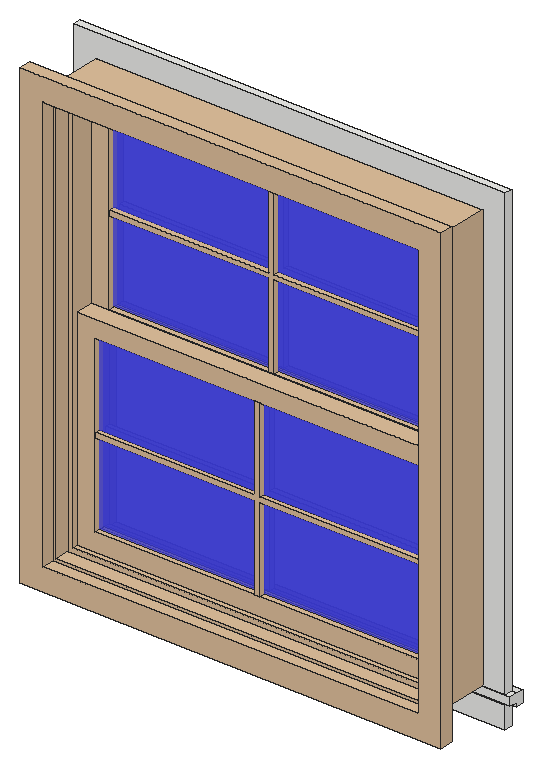
Revit family "c88053d5784c49cba4a7a10cf48c4919", category Windows, host Wall, Revit 2021
Family settings
  Host = Wall
  OmniClass Number = 23.30.20.17.17.14
  OmniClass Title = Double-Hung Windows
  Always vertical = Yes
  Cut with Voids When Loaded = No
  Shared = No
  Room Calculation Point = No
Parameters (values of type "38" x 42"")
  Wall Thickness [instance] = 0' - 6"
  Window Inset [instance] = 0' - 0"
  Visual Light Transmittance = 0.81
  Top Muntin Visibility = yes
  Thermal Resistance (R) = 1.8146 (h·ft²·°F)/BTU
  Solar Heat Gain Coefficient = 0.76
  Muntin Width = Width - 0' 6"  # 2' - 8"
  Muntin Pattern = Muntin Pattern_2x2 : Muntin Pattern_2x2
  Muntin Height = 0.5 * (Height - 0' 6" - 0' 1 3/4")  # 1' - 5 1/8"
  Interior Wall Closure [instance] = 0' - 1 1/2"
  Interior Trim Material = Wood - Stained
  Interior Trim = Trim-Window-Interior-Flat : Picture Frame
  Rough Width = Width + 0' 0 1/2"  # 3' - 2 1/2"
  Rough Height = Height + 0' 0 1/2"  # 3' - 6 1/2"
  Indicator Visibility [instance] = yes
  Frame Extension [instance] = if(Exterior Trim Visibility, Window Inset + 0' 1 1/4", 0' 1 1/4")  # 0' - 1 1/4"
  Fire Rating = "0.5h"
  Exterior Wall Closure [instance] = 0' - 0 1/2"
  Exterior Trim Material = Clad - White
  Extension Jamb Visibility [instance] = and(Interior Trim Visibility, Wall Thickness - Window Inset > 0' 4 1/2")  # yes
  Interior Trim Visibility [instance] = yes
  Exterior Trim Visibility [instance] = yes
  Exterior Trim = Trim-Window-Exterior-Flat : with Sill
  Extension Jamb [instance] = if(Wall Thickness - Window Inset > 0' 4 1/2", Wall Thickness - Window Inset - 0' 4 1/2", 0' 1")  # 0' - 1 1/2"
  Define Thermal Properties by = Schematic Type
  Construction Type Id = "DG-DR"
  Heat Transfer Coefficient (U) = 0.5511 BTU/(h·ft²·°F)
  Bottom Muntin Visibility = yes
  Assembly Code = "B2020100"
  Glass Panel Material = Glass
  Height = 3' - 6"
  Exterior Frame Material = Clad - White
  Interior Frame Material = Wood - Stained
  Wall Closure = By host
  Width = 3' - 2"
  Analytic Construction = "Double glazing - domestic"
Reference planes (in)
  plane 1 "Center (Front/Back)": y = 0
  plane 2: z = 0
  plane 3 "Center": x = 0
  plane 4 "Left": x = -19
  plane 5 "Right": x = 19
  plane 6 "Sill": z = 36
  plane 7 "Top": z = 78
  plane 8 "Wall Face": y = 3
  plane 9: y = -3
  plane 10 "Middle": z = 57
  plane 11: z = 76.75
  plane 12: z = 37.25
  plane 13: x = 17.75
  plane 14: x = -17.75
  plane 15: x = 16
  plane 16: x = -16
  plane 17: z = 39
  plane 18: z = 75
  plane 19 "Wall Closure": y = -1.5
  plane 20: z = 77.375
  plane 21 "Frame Face": y = 3.75
  plane 22 "Sash 2": y = -1
  plane 23 "Sash Face 1": y = 2.5
  plane 24 "Inset Face": y = 3
  plane 25 "Sash 1": y = 0.75
  plane 26 "Glass 1": y = 1.625
  plane 27: z = 57.875
  plane 28: z = 56.125
  plane 29 "Glass 2": y = -0.125
  plane 30: y = -1.5
  plane 31: z = 47.5625
  plane 32: z = 66.4375
  plane 33: y = -1.5
  plane 34: y = 2.5
  plane 35: y = 3.75
Forms (in)
  Extrusion 1, solid, material "Wood - Stained" <- "Interior Frame Material", visible <- "Extension Jamb Visibility"
    sketch origin (0, -0.25, 0) x (-1, 0, 0) y (0, 0, 1)
      loop
        line (19, 78) -> (-19, 78) -> (-19, 36) -> (19, 36) -> (19, 78)
      loop
        line (18.25, 77.25) -> (-18.25, 77.25) -> (-18.25, 36.75) -> (18.25, 36.75) -> (18.25, 77.25)
    from -2.75 to -1.25
  Sweep 2, solid, material "Wood - Stained" <- "Interior Frame Material"
    path origin (0, 2.5, 0) x (-1, 0, 0) y (0, 0, 1)
      loop
        line (-19, 36) -> (19, 36) -> (19, 78) -> (-19, 78) -> (-19, 36)
    profile origin (19, 2.5, 57) x (1, 0, 0) y (0, 1, 0)
      loop
        line (-1.25, 1.25) -> (-1.25, -4) -> (0, -4) -> (0, 1.25) -> (-1.25, 1.25)
  Sweep 3, solid, material "Wood - Stained" <- "Interior Frame Material"
    path origin (0, 2.5, 0) x (-1, 0, 0) y (0, 0, 1)
      loop
        line (-17.75, 56.125) -> (17.75, 56.125) -> (17.75, 76.75) -> (-17.75, 76.75) -> (-17.75, 56.125)
    profile origin (17.75, 2.5, 66.4375) x (1, 0, 0) y (0, 1, 0)
      loop
        line (0, 0) -> (-1.75, 0) -> (-1.75, -1.75) -> (0, -1.75) -> (0, 0)
  Sweep 4, solid, material "Wood - Stained" <- "Interior Frame Material"
    path origin (0, 0.75, 0) x (-1, 0, 0) y (0, 0, 1)
      loop
        line (-17.75, 37.25) -> (17.75, 37.25) -> (17.75, 57.875) -> (-17.75, 57.875) -> (-17.75, 37.25)
    profile origin (17.75, 0.75, 47.5625) x (1, 0, 0) y (0, 1, 0)
      loop
        line (0, 0) -> (-1.75, 0) -> (-1.75, -1.75) -> (0, -1.75) -> (0, 0)
  Extrusion 5, solid, material "Glass" <- "Glass Panel Material"
    sketch origin (0, 0, 36) x (0, -1, 0) y (1, 0, 0)
      loop
        line (-2, -16) -> (-1.75, -16) -> (-1.75, 16) -> (-2, 16) -> (-2, -16)
      loop
        line (-1.5, 16) -> (-1.5, -16) -> (-1.25, -16) -> (-1.25, 16) -> (-1.5, 16)
    from 21.875 to 39
  Extrusion 6, solid, material "Glass" <- "Glass Panel Material"
    sketch origin (0, 0, 0) x (1, 0, 0) y (0, 1, 0)
      loop
        line (-16, 0.25) -> (-16, 0) -> (16, 0) -> (16, 0.25) -> (-16, 0.25)
      loop
        line (16, -0.25) -> (-16, -0.25) -> (-16, -0.5) -> (16, -0.5) -> (16, -0.25)
    from 39 to 56.125
Lines and regions (in)
  Opening 1
    outline origin (-60, -3, 0) x (1, 0, 0) y (0, 0, 1)
      loop
        line (79, 78) -> (41, 78) -> (41, 36) -> (79, 36) -> (79, 78)
  Split face 1
    outline origin (-16, -1, 39) x (1, 0, 0) y (0, 1, 0)
      loop
        line (0, 1) -> (32, 1)
  Split face 2
    outline origin (16, -1, 39) x (0, 0, 1) y (0, 1, 0)
      loop
        line (0, 1) -> (17.125, 1)
  Split face 3
    outline origin (-16, -1, 56.125) x (0, 0, -1) y (0, 1, 0)
      loop
        line (17.125, 1) -> (0, 1)
  Split face 4
    outline origin (16, -1, 56.125) x (0, 1, 0) y (-1, 0, 0)
      loop
        line (1, 0) -> (1, 32)
  Split face 5
    outline origin (-16, 0.75, 57.875) x (1, 0, 0) y (0, 1, 0)
      loop
        line (32, 0.75) -> (0, 0.75)
  Split face 6
    outline origin (-16, 0.75, 57.875) x (1, 0, 0) y (0, 1, 0)
      loop
        line (32, 1) -> (0, 1)
  Split face 7
    outline origin (16, 0.75, 57.875) x (0, 0, 1) y (0, 1, 0)
      loop
        line (0, 1) -> (17.125, 1)
  Split face 8
    outline origin (-16, 0.75, 75) x (0, 0, -1) y (0, 1, 0)
      loop
        line (17.125, 1) -> (0, 1)
  Split face 9
    outline origin (16, 0.75, 75) x (0, 1, 0) y (-1, 0, 0)
      loop
        line (1, 0) -> (1, 32)
  Split face 10
    outline origin (-17.75, -1.5, 37.25) x (1, 0, 0) y (0, 1, 0)
      loop
        line (0, 2.25) -> (35.5, 2.25)
  Split face 11
    outline origin (17.75, -1.5, 37.25) x (0, 0, 1) y (0, 1, 0)
      loop
        line (39.5, 4) -> (18.875, 4) -> (18.875, 2.25) -> (0, 2.25)
  Split face 12
    outline origin (-17.75, -1.5, 76.75) x (0, 0, -1) y (0, 1, 0)
      loop
        line (0, 4) -> (20.625, 4) -> (20.625, 2.25) -> (39.5, 2.25)
  Split face 13
    outline origin (17.75, -1.5, 76.75) x (0, 1, 0) y (-1, 0, 0)
      loop
        line (4, 0) -> (4, 35.5)
Text (in)
  text "EXTERIOR" at (-58.6888, 30.41546, 0), in view "Ref. Level"
  text "INTERIOR" at (-58.6888, -28.32711, 0), in view "Ref. Level"
  text "Exterior" at (0, 43.65631, 134.44969), in view "Left"
  text "Exterior" at (0, 18.29385, 125.04747), in view "Right"
Dimensions and locks (in)
  equal spacing: plane 4 "Left", plane 3 "Center", plane 5 "Right"
  "Width": plane 4 "Left" to plane 5 "Right"
  equal spacing: plane 6 "Sill", plane 10 "Middle", plane 7 "Top"
  "Height": plane 7 "Top" to plane 6 "Sill"
  locked: plane 5 "Right" to plane 13 at 1.25
  locked: plane 14 to plane 4 "Left" at 1.25
  locked: plane 11 to plane 7 "Top" at 1.25
  locked: plane 6 "Sill" to plane 12 at 1.25
  locked: plane 15 to plane 13 at 1.75
  locked: plane 14 to plane 16 at 1.75
  locked: plane 18 to plane 11 at 1.75
  locked: plane 12 to plane 17 at 1.75
  "Wall Thickness": host wall to host wall
  locked: plane 7 "Top" to plane 20 at 0.625
  locked: plane 21 "Frame Face" to plane 8 "Wall Face" at 0.75
  locked: plane 24 "Inset Face" to plane 23 "Sash Face 1" at 0.5
  "Window Inset": plane 8 "Wall Face" to plane 24 "Inset Face"
  locked: plane 23 "Sash Face 1" to plane 25 "Sash 1" at 1.75
  locked: plane 25 "Sash 1" to plane 22 "Sash 2" at 1.75
  equal spacing: plane 23 "Sash Face 1", plane 26 "Glass 1", plane 25 "Sash 1"
  equal spacing: plane 28, plane 10 "Middle", plane 27
  locked: plane 28 to plane 27 at 1.75
  locked: Extrusion 5 sketch curve to Extrusion 5 sketch curve at 0.25  (x3)
  equal spacing: Extrusion 5 sketch curve, plane 26 "Glass 1", Extrusion 5 sketch curve
  equal spacing: plane 25 "Sash 1", plane 29 "Glass 2", plane 22 "Sash 2"
  locked: Extrusion 6 sketch curve to Extrusion 6 sketch curve at 0.25  (x3)
  equal spacing: Extrusion 6 sketch curve, plane 29 "Glass 2", Extrusion 6 sketch curve
  locked: plane 22 "Sash 2" to plane 30 at 0.5
  "Extension Jamb": plane 19 "Wall Closure" to host wall
  locked: Extrusion 1 sketch curve to plane 5 "Right" at 0.75
  locked: Extrusion 1 sketch curve to plane 7 "Top" at 0.75
  locked: plane 4 "Left" to Extrusion 1 sketch curve at 0.75
  locked: plane 6 "Sill" to Extrusion 1 sketch curve at 0.75
  equal spacing: plane 17, plane 31, plane 28
  equal spacing: plane 18, plane 32, plane 27
  level to host wall = 24' - 5.13792"
  "Interior Wall Closure": plane 33 to plane 9
  "Exterior Wall Closure": plane 8 "Wall Face" to plane 34
  "Frame Extension": plane 35 to plane 23 "Sash Face 1"
  aligned and locked: plane 9 to host wall
  aligned and locked: host wall to plane 8 "Wall Face"
  aligned and locked: Opening 1 sketch curve to plane 4 "Left"
  aligned and locked: plane 7 "Top" to Opening 1 sketch curve
  aligned and locked: plane 5 "Right" to Opening 1 sketch curve
  aligned and locked: Opening 1 sketch curve to plane 6 "Sill"
  aligned and locked: plane 7 "Top" to Extrusion 1 sketch curve
  aligned and locked: Extrusion 1 sketch curve to plane 4 "Left"
  aligned and locked: plane 5 "Right" to Extrusion 1 sketch curve
  aligned and locked: Extrusion 1 sketch curve to plane 6 "Sill"
  aligned and locked: plane 19 "Wall Closure" to Extrusion 1
  aligned and locked: Sweep 2 sketch curve to host wall  (x3)
  aligned and locked: plane 5 "Right" to Sweep 2 sketch curve
  aligned and locked: plane 13 to Sweep 2 sketch curve
  aligned and locked: Sweep 3 sketch curve to plane 13
  aligned and locked: plane 14 to Sweep 3 sketch curve
  aligned and locked: Sweep 3 sketch curve to plane 11
  aligned and locked: Sweep 3 sketch curve to plane 25 "Sash 1"
  aligned and locked: plane 28 to Sweep 3 sketch curve
  aligned and locked: Sweep 4 sketch curve to plane 27
  aligned and locked: Sweep 4 sketch curve to plane 13
  aligned and locked: plane 14 to Sweep 4 sketch curve
  aligned and locked: plane 12 to Sweep 4 sketch curve
  aligned and locked: profile plane to Sweep 4 sketch curve
  aligned and locked: Sweep 4 sketch curve to profile plane
  aligned and locked: Sweep 4 sketch curve to plane 22 "Sash 2"
  aligned and locked: plane 15 to Sweep 4 sketch curve
  aligned and locked: plane 18 to Extrusion 5
  aligned and locked: Extrusion 6 sketch curve to plane 16
  aligned and locked: plane 16 to Extrusion 6 sketch curve
  aligned and locked: plane 15 to Extrusion 6 sketch curve
  aligned and locked: Extrusion 6 sketch curve to plane 15
  aligned and locked: plane 17 to Extrusion 6
  aligned and locked: plane 28 to Extrusion 6
  aligned and locked: Split face 1 sketch curve to Extrusion 6
  aligned and locked: Split face 2 sketch curve to Extrusion 6
  aligned and locked: Split face 3 sketch curve to Extrusion 6
  aligned and locked: Split face 4 sketch curve to Extrusion 6
  aligned and locked: plane 15 to Sweep 3 sketch curve
  aligned and locked: Extrusion 5 to plane 27
  aligned and locked: Extrusion 5 sketch curve to plane 16
  aligned and locked: plane 16 to Extrusion 5 sketch curve
  aligned and locked: plane 15 to Extrusion 5 sketch curve
  aligned and locked: Extrusion 5 sketch curve to plane 15
  aligned and locked: Split face 6 sketch curve to Extrusion 5
  aligned and locked: Split face 7 sketch curve to Extrusion 5
  aligned and locked: Split face 8 sketch curve to Extrusion 5
  aligned and locked: Split face 9 sketch curve to Extrusion 5
  aligned and locked: Split face 10 sketch curve to plane 25 "Sash 1"
  aligned and locked: plane 30 to Sweep 2 sketch curve
  aligned and locked: Extrusion 1 to plane 9
  aligned and locked: nested 3 to plane 8 "Wall Face"
  aligned and locked: nested 3 to plane 4 "Left"
  aligned and locked: nested 3 to plane 5 "Right"
  aligned and locked: plane 25 "Sash 1" to Split face 11 sketch curve
  aligned and locked: Split face 11 sketch curve to plane 28
  aligned and locked: plane 23 "Sash Face 1" to Split face 11 sketch curve
  aligned and locked: Split face 12 sketch curve to plane 25 "Sash 1"
  aligned and locked: plane 28 to Split face 12 sketch curve
  aligned and locked: Split face 12 sketch curve to plane 23 "Sash Face 1"
  aligned and locked: plane 23 "Sash Face 1" to Split face 13 sketch curve
  aligned and locked: nested 4 to plane 3 "Center"
  aligned and locked: plane 31 to nested 4
  aligned and locked: nested 3 to plane 7 "Top"
  aligned and locked: plane 27 to nested 1
  aligned and locked: nested 2 to plane 17
  aligned and locked: nested 1 to plane 26 "Glass 1"
  aligned and locked: nested 2 to plane 29 "Glass 2"
  aligned and locked: plane 28 to nested 2
  aligned and locked: plane 18 to nested 1
  aligned and locked: nested 1 to plane 15
  aligned and locked: nested 1 to plane 16
  aligned and locked: nested 2 to plane 15
  aligned and locked: nested 2 to plane 16
  aligned and locked: plane 7 "Top" to nested 6
  aligned and locked: plane 3 "Center" to nested 6
  aligned and locked: plane 7 "Top" to nested 5
  aligned and locked: nested 5 to plane 3 "Center"
  aligned and locked: Sweep 2 sketch curve to plane 35
Automatic sketch dimensions
  Split face 1 sketch curve to Sweep 4 = 0' - 0"  (x2)
  Split face 2 sketch curve to Sweep 4 = 0' - 0"
  Sweep 4 to Split face 2 sketch curve = 0' - 0"
  Sweep 4 to Split face 3 sketch curve = 0' - 0"
  Split face 3 sketch curve to Sweep 4 = 0' - 0"
  Split face 4 sketch curve to Sweep 4 = 0' - 0"  (x2)
  Sweep 3 sketch curve to profile plane = 0' - 0"
  Sweep 3 sketch curve to plane 23 "Sash Face 1" = 0' - 0"
  Split face 5 sketch curve to Sweep 3 = 0' - 0"  (x2)
  Split face 5 sketch curve to Sweep 3 = 0' - 0 3/4"
  Split face 6 sketch curve to Sweep 3 = 0' - 0"  (x2)
  Split face 7 sketch curve to Sweep 3 = 0' - 0"
  Sweep 3 to Split face 7 sketch curve = 0' - 0"
  Sweep 3 to Split face 8 sketch curve = 0' - 0"
  Split face 8 sketch curve to Sweep 3 = 0' - 0"
  Split face 9 sketch curve to Sweep 3 = 0' - 0"  (x2)
  Split face 10 sketch curve to Sweep 2 = 0' - 0"  (x2)
  Split face 11 sketch curve to Sweep 2 = 0' - 0"
  Sweep 2 to Split face 11 sketch curve = 0' - 0"
  Sweep 2 to Split face 12 sketch curve = 0' - 0"
  Split face 12 sketch curve to Sweep 2 = 0' - 0"
  Split face 13 sketch curve to Sweep 2 = 0' - 0"  (x2)
  Sweep 2 sketch curve to plane 7 "Top" = 0' - 0"
Nested families (in)
  nested 1: "Muntin Pattern_2x2" at (0, 1.625, 57.875), Exterior Material <- "Exterior Frame Material", Interior Material <- "Interior Frame Material", type <- "Muntin Pattern", visible <- "Top Muntin Visibility", type "Muntin Pattern_2x2"
    with Width 2' - 8", Interior Material Wood - Stained, Height 1' - 5 1/8", Exterior Material Clad - White
  nested 2: "Muntin Pattern_2x2" at (0, -0.125, 39), Exterior Material <- "Exterior Frame Material", Interior Material <- "Interior Frame Material", type <- "Muntin Pattern", visible <- "Bottom Muntin Visibility", type "Muntin Pattern_2x2"
    with Width 2' - 8", Interior Material Wood - Stained, Height 1' - 5 1/8", Exterior Material Clad - White
  nested 3: "Plan-Single-Hung" at (0, 3, 36), Window Inset <- "Window Inset", Width <- "Width", Height <- "Height", Wall Thickness <- "Wall Thickness", type "Plan-Single-Hung"
    with Window Inset of 3D 0' - 0 1/2", Window Inset 0' - 0", Width 3' - 2", Wall Thickness 0' - 6", Height 3' - 6"
  nested 4: "Filled Arrow" at (0, 0.75, 47.5625) x (0, 0, 1) z (0, 1, 0), visible <- "Indicator Visibility", type "Filled Arrow"
  nested 5: "Trim-Window-Exterior-Flat" at (0, 3, 78) x (-1, 0, 0) z (0, 1, 0), visible <- "Exterior Trim Visibility", Trim Material <- "Exterior Trim Material", Opening Width <- "Width", Opening Height <- "Height", type <- "Exterior Trim", type "with Sill"
    with Trim Material Clad - White, Opening Width 3' - 2", Opening Height 3' - 6"
  nested 6: "Trim-Window-Interior-Flat" at (0, -3, 78) x (1, 0, 0) z (0, -1, 0), Trim Material <- "Interior Trim Material", visible <- "Interior Trim Visibility", Opening Width <- "Width", Opening Height <- "Height", type <- "Interior Trim", type "Picture Frame"
    with Trim Material Wood - Stained, Opening Width 3' - 2", Opening Height 3' - 6"
Definition of nested family "Muntin Pattern_2x2"
  Parameters (values of type "Muntin Pattern_2x2")
    Width [instance] = 4' - 0"
    Thickness = 0' - 0 1/2"
    Height [instance] = 4' - 0"
    Interior Material [instance] = none
    Exterior Material [instance] = none
    Distance = 0' - 0 3/4"
    Default Elevation = 0' - 0"
  Reference planes (in)
    plane 1 "Center (Front/Back)": y = 0
    plane 2: z = 0
    plane 3 "Center (Left/Right)": x = 0
    plane 4: z = 48
    plane 5: x = -24
    plane 6: x = 24
    plane 7: z = 24
    plane 8: y = 0.375
    plane 9: y = 0.875
    plane 10: y = -0.375
    plane 11: y = -0.875
  Forms (in)
    Extrusion 1, solid, material <- "Interior Material", detail levels fine
      sketch origin (0, 0, 0) x (1, 0, 0) y (0, 0, 1)
        loop
          line (-24, 24.25) -> (-24, 23.75) -> (-0.25, 23.75) -> (-0.25, 0) -> (0.25, 0) -> (0.25, 23.75) -> (24, 23.75) -> (24, 24.25) -> (0.25, 24.25) -> (0.25, 48) -> (-0.25, 48) -> (-0.25, 24.25) -> (-24, 24.25)
      from 0.375 to 0.875
    Extrusion 2, solid, material <- "Exterior Material", detail levels fine
      sketch origin (0, 0, 0) x (1, 0, 0) y (0, 0, -1)
        loop
          line (-24, -24.25) -> (-0.25, -24.25) -> (-0.25, -48) -> (0.25, -48) -> (0.25, -24.25) -> (24, -24.25) -> (24, -23.75) -> (0.25, -23.75) -> (0.25, 0) -> (-0.25, 0) -> (-0.25, -23.75) -> (-24, -23.75) -> (-24, -24.25)
      from 0.375 to 0.875
  Lines and regions (in)
    model lines, detail levels medium
      curve 1: line (0, 0.375, 48) -> (0, 0.375, 0)
      curve 2: line (-24, -0.375, 24) -> (24, -0.375, 24)
      curve 3: line (-24, 0.375, 24) -> (24, 0.375, 24)
      curve 4: line (0, -0.375, 48) -> (0, -0.375, 0)
  Dimensions and locks (in)
    equal spacing: plane 6, plane 3 "Center (Left/Right)", plane 5
    "Width": plane 6 to plane 5
    "Height": plane 4 to plane 2
    equal spacing: plane 4, plane 7, plane 2
    locked: plane 3 "Center (Left/Right)" to Extrusion 1 sketch curve at 0.25  (x4)
    locked: Extrusion 1 sketch curve to plane 7 at 0.25  (x2)
    locked: plane 7 to Extrusion 1 sketch curve at 0.25  (x2)
    "Thickness": plane 9 to plane 8
    "Thickness": plane 10 to plane 11
    "Distance": plane 8 to plane 10
    equal spacing: plane 8, plane 1 "Center (Front/Back)", plane 10
    aligned and locked: plane 2 to level
    aligned and locked: plane 4 to curve 1
    aligned and locked: plane 5 to curve 2
    aligned and locked: plane 2 to curve 1
    aligned and locked: plane 6 to curve 2
    aligned and locked: Extrusion 1 sketch curve to plane 4
    aligned and locked: Extrusion 1 sketch curve to plane 6
    aligned and locked: Extrusion 1 sketch curve to plane 5
    aligned and locked: Extrusion 1 sketch curve to level
    aligned and locked: Extrusion 1 to plane 11
    aligned and locked: plane 10 to Extrusion 1
    aligned and locked: Extrusion 2 to plane 5
    aligned and locked: plane 6 to Extrusion 2
    aligned and locked: Extrusion 2 to plane 8
    aligned and locked: plane 9 to Extrusion 2
    aligned and locked: Extrusion 2 to plane 2
    aligned and locked: plane 4 to Extrusion 2
    aligned and locked: plane 5 to curve 3
    aligned and locked: plane 6 to curve 3
    aligned and locked: plane 4 to curve 4
    aligned and locked: plane 2 to curve 4
    aligned and locked: plane 8 to curve 3
  Automatic sketch dimensions
    curve 2 to plane 7 = 0' - 0"
    Extrusion 2 sketch curve to plane 5 = 0' - 0"
    Extrusion 2 sketch curve to level = 0' - 0"
    Extrusion 2 sketch curve to plane 4 = 0' - 0"
    Extrusion 2 sketch curve to plane 6 = 0' - 0"
    Extrusion 2 sketch curve to plane 3 "Center (Left/Right)" = 0' - 0 1/4"  (x2)
    plane 3 "Center (Left/Right)" to Extrusion 2 sketch curve = 0' - 0 1/4"  (x2)
    plane 7 to Extrusion 2 sketch curve = 0' - 0 1/4"  (x2)
    Extrusion 2 sketch curve to plane 7 = 0' - 0 1/4"  (x2)
    curve 4 to plane 3 "Center (Left/Right)" = 0' - 0"
    curve 4 to level = 0' - 0"
    curve 4 to plane 4 = 0' - 0"
    curve 3 to plane 6 = 0' - 0"
    curve 1 to plane 3 "Center (Left/Right)" = 0' - 0"
    curve 3 to plane 5 = 0' - 0"
    curve 3 to plane 7 = 0' - 0"
Definition of nested family "Trim-Window-Exterior-Flat"
  Parameters (values of type "with Sill")
    Trim Width = 0' - 2 1/4"
    Trim Thickness_Picture Frame = 0' - 1 1/4"
    Trim Thickness_with Sill = 0' - 0 3/4"
    Trim Material [instance] = none
    Sill Thickness = 0' - 1 1/4"
    Sill = yes
    Picture Frame = no
    Opening Width [instance] = 2' - 0"
    Opening Height [instance] = 3' - 0"
    Default Elevation = 4' - 0"
  Types (2): name | Sill | Picture Frame
    with Sill | yes | no
    Picture Frame | no | yes
  Reference planes (in)
    plane 1 "Center (Front/Back)": y = 0
    plane 2: z = 0
    plane 3 "Center (Left/Right)": x = 0
    plane 4: y = 2.25
    plane 5 "Left": x = -12
    plane 6 "Right": x = 12
    plane 7 "Bottom": y = -36
    plane 8: y = -37.25
    plane 9: y = -39.12332
    plane 10: x = 14.25
    plane 11: x = -14.25
    plane 12: z = 0.75
    plane 13: z = 1.25
    plane 14: x = 14.75
    plane 15: x = -14.75
    plane 16: y = -36.87332
    plane 17: y = -38.25
    plane 18: z = 0.5
    plane 19: y = -18
    plane 20: z = 1.5
  Forms (in)
    Extrusion 1, solid
      sketch origin (0, 0, 0) x (1, 0, 0) y (0, 1, 0)
        loop
          line (-14.25, 2.25) -> (-14.25, -39.12332) -> (14.25, -39.12332) -> (14.25, 2.25) -> (-14.25, 2.25)
      from 0 to -12
    Extrusion 2, solid, material <- "Trim Material", visible <- "Sill"
      sketch origin (0, 0, 0) x (1, 0, 0) y (0, 1, 0)
        loop
          line (-14.25, -36) -> (-12, -36) -> (-12, 0) -> (12, 0) -> (12, -36) -> (14.25, -36) -> (14.25, 2.25) -> (-14.25, 2.25) -> (-14.25, -36)
      from 0 to 0.75
    Extrusion 3, solid, material <- "Trim Material", visible <- "Sill"
      sketch origin (0, 0, 0) x (0, 1, 0) y (0, 0, 1)
        loop
          line (-36.09677, 1.5) -> (-37.25, 1.5) -> (-37.25, 0.75) -> (-36.87332, 0.75) -> (-36.87332, 0) -> (-36, 0) -> (-36, 0.75) -> (-36.09677, 1.5)
      from -14.75 to 14.75
    Extrusion 4, solid, material <- "Trim Material", visible <- "Sill"
      sketch origin (0, 0, 0) x (1, 0, 0) y (0, 1, 0)
        loop
          line (-14.25, -36.87332) -> (-14.25, -39.12332) -> (14.25, -39.12332) -> (14.25, -36.87332) -> (-14.25, -36.87332)
      from 0 to 0.75
    Extrusion 5, solid, material <- "Trim Material", visible <- "Picture Frame"
      sketch origin (0, 0, 0) x (1, 0, 0) y (0, 1, 0)
        loop
          line (-12, 0) -> (-12, -36) -> (12, -36) -> (12, 0) -> (-12, 0)
        loop
          line (-14.25, 2.25) -> (-14.25, -38.25) -> (14.25, -38.25) -> (14.25, 2.25) -> (-14.25, 2.25)
      from 0 to 1.25
  Dimensions and locks (in)
    equal spacing: plane 5 "Left", plane 3 "Center (Left/Right)", plane 6 "Right"
    "Opening Width": plane 5 "Left" to plane 6 "Right"
    "Opening Height": plane 7 "Bottom" to plane 1 "Center (Front/Back)"
    "Sill Thickness": plane 7 "Bottom" to plane 8
    "Trim Width": plane 11 to plane 5 "Left"
    "Trim Width": plane 6 "Right" to plane 10
    "Trim Width": plane 1 "Center (Front/Back)" to plane 4
    locked: plane 15 to plane 11 at 0.5
    locked: plane 10 to plane 14 at 0.5
    locked: plane 16 to plane 8 at 0.37668
    "Trim Width": plane 9 to plane 16
    "Trim Width": plane 17 to plane 7 "Bottom"
    locked: plane 18 to plane 2 at 0.5
    equal spacing: plane 7 "Bottom", plane 19, plane 1 "Center (Front/Back)"
    locked: plane 20 to plane 12 at 0.75
    "Trim Thickness_with Sill": plane 12 to plane 2
    "Trim Thickness_Picture Frame": plane 13 to plane 2
    aligned and locked: plane 2 to Extrusion 1
    aligned and locked: level to Extrusion 1
    aligned and locked: Extrusion 2 sketch curve to plane 5 "Left"
    aligned and locked: Extrusion 2 sketch curve to plane 11
    aligned and locked: plane 7 "Bottom" to Extrusion 2 sketch curve  (x2)
    aligned and locked: plane 1 "Center (Front/Back)" to Extrusion 2 sketch curve
    aligned and locked: plane 10 to Extrusion 2 sketch curve
    aligned and locked: Extrusion 2 sketch curve to plane 6 "Right"
    aligned and locked: plane 12 to Extrusion 2
    aligned and locked: Extrusion 3 sketch curve to level
    aligned and locked: plane 7 "Bottom" to Extrusion 3 sketch curve
    aligned and locked: Extrusion 3 sketch curve to plane 8
    aligned and locked: plane 15 to Extrusion 3
    aligned and locked: Extrusion 3 to plane 14
    aligned and locked: plane 10 to Extrusion 4 sketch curve
    aligned and locked: Extrusion 4 sketch curve to plane 11
    aligned and locked: plane 16 to Extrusion 4 sketch curve
    aligned and locked: plane 9 to Extrusion 4 sketch curve
    aligned and locked: Extrusion 4 to Extrusion 2
    aligned and locked: Extrusion 2 sketch curve to plane 4
    aligned and locked: plane 1 "Center (Front/Back)" to Extrusion 5 sketch curve
    aligned and locked: Extrusion 5 sketch curve to plane 4
    aligned and locked: Extrusion 5 sketch curve to plane 17
    aligned and locked: plane 7 "Bottom" to Extrusion 5 sketch curve
    aligned and locked: Extrusion 5 sketch curve to plane 6 "Right"
    aligned and locked: plane 10 to Extrusion 5 sketch curve
    aligned and locked: Extrusion 5 sketch curve to plane 5 "Left"
    aligned and locked: Extrusion 5 sketch curve to plane 11
    aligned and locked: plane 13 to Extrusion 5
    aligned and locked: plane 20 to Extrusion 3
  Automatic sketch dimensions
    Extrusion 1 sketch curve to Extrusion 1 sketch curve = 2' - 4 1/2"
    Extrusion 1 sketch curve to Extrusion 1 sketch curve = 3' - 5.37332"
    Extrusion 3 sketch curve to plane 16 = 0' - 0"
    Extrusion 3 sketch curve to plane 12 = 0' - 0"  (x2)
    Extrusion 3 sketch curve to plane 7 "Bottom" = 0' - 0.09677"
    plane 13 to Extrusion 3 sketch curve = 0' - 0 1/4"
Definition of nested family "Trim-Window-Interior-Flat"
  Parameters (values of type "with Sill")
    Trim Thickness_Picture Frame = 0' - 1 1/4"
    Trim Width = 0' - 2 1/4"
    Trim Thickness_with Sill = 0' - 0 3/4"
    Trim Material [instance] = none
    Sill Thickness = 0' - 1 1/4"
    Sill = yes
    Picture Frame = no
    Opening Width [instance] = 2' - 0"
    Opening Height [instance] = 3' - 0"
    Default Elevation = 4' - 0"
  Types (2): name | Sill | Picture Frame
    with Sill | yes | no
    Picture Frame | no | yes
  Reference planes (in)
    plane 1 "Center (Front/Back)": y = 0
    plane 2: z = 0
    plane 3 "Center (Left/Right)": x = 0
    plane 4: y = 1.75
    plane 5 "Left": x = -12
    plane 6 "Right": x = 12
    plane 7 "Bottom": y = -36
    plane 8: y = -37.25
    plane 9: y = -39.12332
    plane 10: x = 13.75
    plane 11: x = -13.75
    plane 12: z = 0.75
    plane 13: z = 1.25
    plane 14: x = 14.25
    plane 15: x = -14.25
    plane 16: y = -36.87332
    plane 17: y = -37.75
    plane 18: z = 0.5
    plane 19: x = -11.5
    plane 20: y = -0.5
    plane 21: x = 11.5
    plane 22: y = -35.5
    plane 23: x = -13.25
    plane 24: x = 13.25
    plane 25: y = -18
  Forms (in)
    Extrusion 1, solid
      sketch origin (0, 0, 0) x (1, 0, 0) y (0, 1, 0)
        loop
          line (-13.75, 1.75) -> (-13.75, -37.75) -> (13.75, -37.75) -> (13.75, 1.75) -> (-13.75, 1.75)
      from 0 to -12
    Extrusion 2, solid, material <- "Trim Material", visible <- "Sill"
      sketch origin (0, 0, 0) x (1, 0, 0) y (0, 1, 0)
        loop
          line (-13.25, -36) -> (-11.5, -36) -> (-11.5, 0) -> (11.5, 0) -> (11.5, -36) -> (13.25, -36) -> (13.25, 1.75) -> (-13.25, 1.75) -> (-13.25, -36)
      from 0 to 0.75
    Extrusion 3, solid, material <- "Trim Material", visible <- "Sill"
      sketch origin (0, 0, 0) x (0, 1, 0) y (0, 0, 1)
        loop
          line (-36.5, 1.5) -> (-36.87332, 1.5) -> (-36.87332, 0) -> (-36, 0) -> (-36, 1)
          arc (-36, 1) -> (-36.14645, 1.35355) -> (-36.5, 1.5) r 0.5
      from -13.75 to 13.75
    Extrusion 4, solid, material <- "Trim Material", visible <- "Sill"
      sketch origin (0, 0, 0) x (1, 0, 0) y (0, 1, 0)
        loop
          line (-13.25, -36.87332) -> (-13.25, -39.12332) -> (13.25, -39.12332) -> (13.25, -36.87332) -> (-13.25, -36.87332)
      from 0 to 0.75
    Extrusion 5, solid, material <- "Trim Material", visible <- "Picture Frame"
      sketch origin (0, 0, 0) x (1, 0, 0) y (0, 1, 0)
        loop
          line (-11.5, -0.5) -> (-11.5, -35.5) -> (11.5, -35.5) -> (11.5, -0.5) -> (-11.5, -0.5)
        loop
          line (-13.75, 1.75) -> (-13.75, -37.75) -> (13.75, -37.75) -> (13.75, 1.75) -> (-13.75, 1.75)
      from 0 to 1.25
  Dimensions and locks (in)
    equal spacing: plane 5 "Left", plane 3 "Center (Left/Right)", plane 6 "Right"
    "Opening Width": plane 5 "Left" to plane 6 "Right"
    "Opening Height": plane 7 "Bottom" to plane 1 "Center (Front/Back)"
    "Sill Thickness": plane 7 "Bottom" to plane 8
    "Trim Width": plane 11 to plane 19
    "Trim Width": plane 21 to plane 10
    "Trim Width": plane 20 to plane 4
    "Trim Thickness_with Sill": plane 12 to plane 2
    locked: plane 15 to plane 11 at 0.5
    locked: plane 10 to plane 14 at 0.5
    locked: plane 16 to plane 8 at 0.37668
    "Trim Width": plane 9 to plane 16
    "Trim Width": plane 17 to plane 22
    plane 20 to plane 1 "Center (Front/Back)" = 0' - 0 1/2"
    plane 5 "Left" to plane 19 = 0' - 0 1/2"
    plane 21 to plane 6 "Right" = 0' - 0 1/2"
    plane 22 to plane 7 "Bottom" = 0' - 0 1/2"
    locked: plane 11 to plane 23 at 0.5
    locked: plane 24 to plane 10 at 0.5
    equal spacing: plane 7 "Bottom", plane 25, plane 1 "Center (Front/Back)"
    "Trim Thickness_Picture Frame": plane 13 to plane 2
    locked: Extrusion 3 to plane 12 at 0.75
    locked: plane 12 to Extrusion 3 sketch curve at 0.75
    radius of Extrusion 3 sketch curve = 0' - 0 1/2"
    aligned and locked: plane 2 to Extrusion 1
    aligned and locked: level to Extrusion 1
    aligned and locked: plane 7 "Bottom" to Extrusion 2 sketch curve  (x2)
    aligned and locked: plane 1 "Center (Front/Back)" to Extrusion 2 sketch curve
    aligned and locked: plane 12 to Extrusion 2
    aligned and locked: Extrusion 3 sketch curve to level
    aligned and locked: plane 7 "Bottom" to Extrusion 3 sketch curve
    aligned and locked: plane 16 to Extrusion 4 sketch curve
    aligned and locked: plane 9 to Extrusion 4 sketch curve
    aligned and locked: Extrusion 2 sketch curve to plane 4
    aligned and locked: Extrusion 5 sketch curve to plane 4
    aligned and locked: Extrusion 5 sketch curve to plane 17
    aligned and locked: plane 10 to Extrusion 5 sketch curve
    aligned and locked: Extrusion 5 sketch curve to plane 11
    aligned and locked: plane 13 to Extrusion 5
    aligned and locked: Extrusion 5 sketch curve to plane 20
    aligned and locked: Extrusion 5 sketch curve to plane 19
    aligned and locked: Extrusion 5 sketch curve to plane 21
    aligned and locked: plane 22 to Extrusion 5 sketch curve
    aligned and locked: Extrusion 4 to plane 24
    aligned and locked: plane 11 to Extrusion 3
    aligned and locked: Extrusion 3 to plane 10
    aligned and locked: Extrusion 2 sketch curve to plane 21
    aligned and locked: Extrusion 2 sketch curve to plane 24
    aligned and locked: Extrusion 2 sketch curve to plane 19
    aligned and locked: Extrusion 2 sketch curve to plane 23
    aligned and locked: plane 12 to Extrusion 4
  Automatic sketch dimensions
    Extrusion 1 sketch curve to Extrusion 1 sketch curve = 2' - 3 1/2"
    Extrusion 1 sketch curve to Extrusion 1 sketch curve = 3' - 3 1/2"
    Extrusion 3 sketch curve to plane 16 = 0' - 0"
    Extrusion 4 sketch curve to plane 11 = 0' - 0 1/2"
    Extrusion 4 sketch curve to plane 24 = 0' - 0"
Definition of nested family "Plan-Single-Hung"
  Parameters (values of type "Plan-Single-Hung")
    Window Inset [instance] = 0' - 0"
    Window Inset of 3D [instance] = if(Window Inset = 0' 0", 0' 0 1/2", if(Window Inset < Wall Thickness - 0' 3 1/2", Window Inset + 0' 0 1/2", Wall Thickness - 0' 3 1/2"))  # 0' - 0 1/2"
    Width [instance] = 4' - 0"
    Wall Thickness [instance] = 0' - 6"
    Height [instance] = 3' - 0"
    Default Elevation = 4' - 0"
    Analytic Construction = "<None>"
  Reference planes (in)
    plane 1 "Center (Front/Back)": y = 0
    plane 2: z = 0
    plane 3 "Center (Left/Right)": x = 0
    plane 4: x = -24
    plane 5: x = 24
    plane 6 "Jamb": y = -4
    plane 7: x = -22.75
    plane 8: y = -0.5
    plane 9: y = -2.25
    plane 10: y = -1.375
    plane 11: x = -21
    plane 12: x = 22.75
    plane 13: x = 21
    plane 14 "Window Inset": y = -1
    plane 15 "Wall": y = -6
    plane 16: z = 36
    plane 17: z = 34.75
    plane 18: z = 1.25
    plane 19: z = 33
    plane 20: z = 3
    plane 21: z = 18
    plane 22: z = 17.125
    plane 23: z = 18.875
    plane 24: y = -3.125
  Lines and regions (in)
    Masking region 1
      outline origin (0, 0.75, 0) x (1, 0, 0) y (0, 1, 0)
        loop
          line (-24, -6.75) -> (24, -6.75) -> (24, -0.75) -> (-24, -0.75) -> (-24, -6.75)
    Masking region 2
      outline origin (0, 0, 0) x (0, 1, 0) y (0, 0, 1)
        loop
          line (-6, 36) -> (-6, 0) -> (0, 0) -> (0, 36) -> (-6, 36)
    symbolic lines
      curve 1: line (-22.75, -2.25, 0) -> (-21, -2.25, 0)
      curve 2: line (-22.75, -0.5, 0) -> (-22.75, -4, 0)
      curve 3: line (-24, -0.5, 0) -> (-21, -0.5, 0)
      curve 4: line (-21, -0.5, 0) -> (-21, -2.25, 0)
      curve 5: line (-21, -1.375, 0) -> (21, -1.375, 0)
      curve 6: line (22.75, -2.25, 0) -> (21, -2.25, 0)
      curve 7: line (22.75, -0.5, 0) -> (22.75, -4, 0)
      curve 8: line (21, -0.5, 0) -> (21, -2.25, 0)
      curve 9: line (-24, -4, 0) -> (-22.75, -4, 0)
      curve 10: line (22.75, -4, 0) -> (24, -4, 0)
      curve 11: line (0, -0.5, 34.75) -> (0, -4, 34.75)
      curve 12: line (0, -4, 0) -> (0, -4, 3)
      curve 13: line (0, -0.5, 1.25) -> (0, -4, 1.25)
      curve 14: line (0, -0.5, 36) -> (0, -0.5, 33)
      curve 15: line (0, -0.5, 33) -> (0, -2.25, 33)
      curve 16: line (0, -4, 3) -> (0, -2.25, 3)
      curve 17: line (0, -1.375, 18.875) -> (0, -1.375, 33)
      curve 18: line (0, -2.25, 34.75) -> (0, -2.25, 33)
      curve 19: line (21, -0.5, 0) -> (24, -0.5, 0)
      curve 20: line (0, -4, 34.75) -> (0, -4, 36)
      curve 21: line (0, -0.5, 1.25) -> (0, -0.5, 0)
      curve 22: line (0, -2.25, 3) -> (0, -2.25, 1.25)
      curve 23: line (0, -4, 18.875) -> (0, -0.5, 18.875)
      curve 24: line (0, -4, 17.125) -> (0, -4, 18.875)
      curve 25: line (0, -0.5, 17.125) -> (0, -4, 17.125)
      curve 26: line (0, -0.5, 18.875) -> (0, -0.5, 17.125)
      curve 27: line (0, -2.25, 18.875) -> (0, -2.25, 17.125)
      curve 28: line (0, -3.125, 17.125) -> (0, -3.125, 3)
      curve 29: line (-21, -0.5, 0) -> (21, -0.5, 0)
      curve 30: line (22.75, -4, 0) -> (-22.75, -4, 0)
      curve 31: line (0, -0.5, 33) -> (0, -0.5, 18.875)
      curve 32: line (0, -0.5, 17.125) -> (0, -0.5, 1.25)
      curve 33: line (0, -4, 3) -> (0, -4, 17.125)
      curve 34: line (0, -4, 34.75) -> (0, -4, 18.875)
  Dimensions and locks (in)
    "Width": plane 4 to plane 5
    equal spacing: plane 4, plane 3 "Center (Left/Right)", plane 5
    locked: plane 4 to plane 7 at 1.25
    equal spacing: plane 8, plane 10, plane 9
    locked: plane 5 to plane 12 at 1.25
    locked: plane 8 to plane 14 "Window Inset" at 0.5
    locked: plane 8 to plane 9 at 1.75
    "Wall Thickness": plane 15 "Wall" to plane 1 "Center (Front/Back)"
    "Height": plane 16 to plane 2
    locked: plane 16 to plane 17 at 1.25
    locked: plane 18 to plane 2 at 1.25
    locked: plane 9 to plane 6 "Jamb" at 1.75
    "Window Inset of 3D": plane 8 to plane 1 "Center (Front/Back)"
    locked: plane 7 to plane 11 at 1.75
    locked: plane 13 to plane 12 at 1.75
    locked: plane 17 to plane 19 at 1.75
    locked: plane 20 to plane 18 at 1.75
    equal spacing: plane 19, plane 21, plane 20
    equal spacing: plane 23, plane 21, plane 22
    locked: plane 23 to plane 22 at 1.75
    equal spacing: plane 6 "Jamb", plane 24, plane 9
    aligned and locked: plane 2 to level
    aligned and locked: curve 1 to plane 9
    aligned and locked: plane 4 to Masking region 1 sketch curve
    aligned and locked: Masking region 1 sketch curve to plane 5
    aligned and locked: Masking region 1 sketch curve to plane 15 "Wall"
    aligned and locked: curve 9 to plane 6 "Jamb"
    aligned and locked: curve 10 to plane 6 "Jamb"
    aligned and locked: plane 1 "Center (Front/Back)" to Masking region 1 sketch curve
    aligned and locked: Masking region 2 sketch curve to plane 16
    aligned and locked: plane 15 "Wall" to Masking region 2 sketch curve
    aligned and locked: level to Masking region 2 sketch curve
    aligned and locked: plane 6 "Jamb" to curve 12
    aligned and locked: plane 17 to curve 11
    aligned and locked: plane 18 to curve 13
    aligned and locked: curve 14 to plane 8
    aligned and locked: plane 19 to curve 15
    aligned and locked: curve 16 to plane 20
    aligned and locked: plane 10 to curve 17
    aligned and locked: plane 4 to curve 3
    aligned and locked: plane 5 to curve 19
    aligned and locked: plane 16 to curve 14
    aligned and locked: plane 8 to curve 11
    aligned and locked: plane 8 to curve 13
    aligned and locked: plane 2 to curve 21
    aligned and locked: plane 8 to curve 2
    aligned and locked: plane 8 to curve 7
    aligned and locked: curve 18 to plane 9
    aligned and locked: plane 17 to curve 18
    aligned and locked: plane 19 to curve 18
    aligned and locked: plane 2 to curve 12
    aligned and locked: curve 19 to plane 8
    aligned and locked: curve 3 to plane 8
    aligned and locked: curve 4 to plane 11
    aligned and locked: plane 13 to curve 8
    aligned and locked: curve 5 to plane 10
    aligned and locked: plane 9 to curve 6
    aligned and locked: plane 6 "Jamb" to curve 20
    aligned and locked: curve 22 to plane 9
    aligned and locked: curve 23 to plane 23
    aligned and locked: plane 6 "Jamb" to curve 24
    aligned and locked: plane 22 to curve 25
    aligned and locked: curve 26 to plane 8
    aligned and locked: curve 27 to plane 9
    aligned and locked: plane 23 to curve 17
    aligned and locked: curve 28 to plane 24
  Automatic sketch dimensions
    Masking region 2 sketch curve to plane 1 "Center (Front/Back)" = 0' - 0"
    curve 9 to plane 4 = 0' - 0"
    curve 30 to plane 7 = 0' - 0"
    curve 6 to plane 12 = 0' - 0"
    curve 10 to plane 5 = 0' - 0"
    curve 21 to plane 18 = 0' - 0"
    curve 20 to plane 16 = 0' - 0"
Definition of nested family "Filled Arrow"
  Parameters (values of type "Filled Arrow")
    D3 = 0' - 0"
    D2 = D1 / 6  # 0' - 1.33333"
    D1 = 0' - 8"
  Reference planes (in)
    plane 1 "Center (Front/Back)": y = 0
    plane 2: z = 0
    plane 3 "Center (Left/Right)": x = 0
    plane 4: y = 0.66667
    plane 5: y = -0.66667
    plane 6: x = -4
    plane 7: x = 4
    plane 8: through (8.02606, -2.81908, 48) normal (-0.5736, -0.8192, 0)
    plane 9: through (8.02606, 2.81908, 48) normal (0.5736, -0.8192, 0)
    plane 10: x = 1.33333
  Lines and regions (in)
    Filled region 1, type "Concrete Block", in view "Ref. Level"
      outline origin (0, 0, 0) x (1, 0, 0) y (0, 1, 0)
        loop
          line (-4, 0.66667) -> (-4, -0.66667) -> (1.33333, -0.66667) -> (1.33333, -1.86722) -> (4, 0) -> (1.33333, 1.86722) -> (1.33333, 0.66667) -> (-4, 0.66667)
    detail lines, in view "Ref. Level"
      curve 1: line (-4, 0.66667, 0) -> (1.33333, 0.66667, 0)
      curve 2: line (-4, 0.66667, 0) -> (-4, -0.66667, 0)
      curve 3: line (-4, -0.66667, 0) -> (1.33333, -0.66667, 0)
      curve 4: line (4, 0, 0) -> (1.33333, -1.86722, 0)
      curve 5: line (4, 0, 0) -> (1.33333, 1.86722, 0)
      curve 6: line (1.33333, -0.66667, 0) -> (1.33333, -1.86722, 0)
      curve 7: line (1.33333, 1.86722, 0) -> (1.33333, 0.66667, 0)
  Dimensions and locks (in)
    equal spacing: plane 6, plane 3 "Center (Left/Right)", plane 7
    "D1": plane 6 to plane 7
    equal spacing: plane 4, plane 1 "Center (Front/Back)", plane 5
    "D2": plane 4 to plane 5
    "D2": plane 3 "Center (Left/Right)" to plane 10
    locked: plane 8 to plane 1 "Center (Front/Back)" (angle 35.00°)
    locked: plane 1 "Center (Front/Back)" to plane 9 (angle 35.00°)
    aligned and locked: curve 1 to plane 4
    aligned and locked: curve 2 to plane 6
    aligned and locked: curve 3 to plane 5
    aligned and locked: curve 4 to plane 9
    aligned and locked: curve 5 to plane 8
    aligned and locked: curve 6 to plane 10
    aligned and locked: curve 7 to plane 10
    aligned and locked: Filled region 1 sketch curve to curve 1
    aligned and locked: Filled region 1 sketch curve to curve 2
    aligned and locked: Filled region 1 sketch curve to curve 3
    aligned and locked: Filled region 1 sketch curve to curve 6
    aligned and locked: Filled region 1 sketch curve to curve 4
    aligned and locked: Filled region 1 sketch curve to curve 5
    aligned and locked: Filled region 1 sketch curve to curve 7
